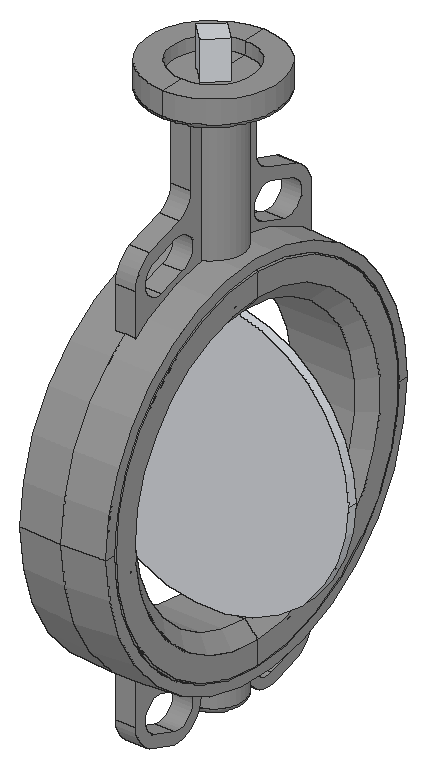
Revit family "Absperr- und Regulierklappe ZF-4219", category Rohrzubehör, Revit 2021 (continued)
Automatic sketch dimensions
  Extrusion 8 sketch curve to Extrusion 8 sketch curve = 11.576 mm
  Extrusion 8 sketch curve to Extrusion 8 sketch curve = 0.007 mm  (x2)
  Extrusion 8 sketch curve to Extrusion 8 sketch curve = 11.662 mm  (x2)
  Extrusion 8 sketch curve to Extrusion 8 sketch curve = 7.405 mm
  Extrusion 8 sketch curve to Extrusion 8 sketch curve = 9.76 mm  (x2)
  Extrusion 8 sketch curve to Extrusion 8 sketch curve = 46.144 mm
  Extrusion 8 sketch curve to Extrusion 8 sketch curve = 0.006 mm
  Extrusion 8 sketch curve to Extrusion 8 sketch curve = 0.159 mm  (x2)
  Extrusion 8 sketch curve to Extrusion 8 sketch curve = 0.225 mm  (x2)
  Extrusion 8 sketch curve to Extrusion 8 sketch curve = 3.156 mm
  Extrusion 7 sketch curve to Extrusion 7 sketch curve = 0 mm  (x29)
  Extrusion 7 sketch curve to level = 0 mm
  Extrusion 7 sketch curve to plane 1 "Mitte (Vorne/hinten)" = 0 mm
  Extrusion 7 sketch curve to Extrusion 7 sketch curve = 4.987 mm  (x2)
  plane 1 "Mitte (Vorne/hinten)" to Extrusion 7 sketch curve = 42.642 mm
  Extrusion 7 sketch curve to Extrusion 7 sketch curve = 3.28 mm  (x2)
  Extrusion 7 sketch curve to Extrusion 7 sketch curve = 14.935 mm  (x2)
  Extrusion 7 sketch curve to Extrusion 7 sketch curve = 11.589 mm  (x2)
  Extrusion 7 sketch curve to Extrusion 7 sketch curve = 14.868 mm  (x2)
  Extrusion 7 sketch curve to Extrusion 7 sketch curve = 33.628 mm  (x4)
  Extrusion 7 sketch curve to Extrusion 7 sketch curve = 3.946 mm  (x4)
  Extrusion 7 sketch curve to Extrusion 7 sketch curve = 12.021 mm  (x8)
  Extrusion 7 sketch curve to Extrusion 7 sketch curve = 8.075 mm  (x8)
  plane 1 "Mitte (Vorne/hinten)" to Extrusion 7 sketch curve = 21.03 mm
  Extrusion 7 sketch curve to Extrusion 7 sketch curve = 5.5 mm
  Extrusion 7 sketch curve to Extrusion 7 sketch curve = 0.54 mm  (x2)
  Extrusion 7 sketch curve to Extrusion 7 sketch curve = 0.103 mm
  Extrusion 7 sketch curve to Extrusion 7 sketch curve = 1.99 mm  (x2)
  plane 1 "Mitte (Vorne/hinten)" to Extrusion 7 sketch curve = 18.5 mm
  Extrusion 7 sketch curve to plane 1 "Mitte (Vorne/hinten)" = 18.5 mm  (x2)
  Extrusion 7 sketch curve to Extrusion 7 sketch curve = 1.897 mm
  Extrusion 7 sketch curve to Extrusion 7 sketch curve = 2 mm
  Extrusion 7 sketch curve to Extrusion 7 sketch curve = 21.612 mm
  Extrusion 7 sketch curve to level = 59.454 mm  (x2)
  Extrusion 7 sketch curve to Extrusion 7 sketch curve = 10.049 mm  (x4)
  Extrusion 7 sketch curve to Extrusion 7 sketch curve = 20.666 mm  (x2)
  Extrusion 7 sketch curve to Extrusion 7 sketch curve = 1.725 mm  (x2)
  Extrusion 7 sketch curve to Extrusion 7 sketch curve = 12.438 mm  (x4)
  level to Extrusion 7 sketch curve = 59.454 mm  (x2)
  Extrusion 7 sketch curve to Extrusion 7 sketch curve = 15.768 mm  (x2)
  Extrusion 7 sketch curve to Extrusion 7 sketch curve = 0.361 mm  (x2)
  Extrusion 7 sketch curve to Extrusion 7 sketch curve = 69.242 mm
  Extrusion 7 sketch curve to Extrusion 7 sketch curve = 0.014 mm
  Extrusion 7 sketch curve to Extrusion 7 sketch curve = 0.29 mm  (x2)
  Extrusion 6 sketch curve to Extrusion 6 sketch curve = 0 mm  (x31)
  Extrusion 6 sketch curve to level = 0 mm
  Extrusion 6 sketch curve to plane 1 "Mitte (Vorne/hinten)" = 0 mm
  plane 1 "Mitte (Vorne/hinten)" to Extrusion 6 sketch curve = 18.5 mm  (x2)
  Extrusion 6 sketch curve to Extrusion 6 sketch curve = 1.897 mm  (x2)
  Extrusion 6 sketch curve to Extrusion 6 sketch curve = 2 mm
  Extrusion 6 sketch curve to Extrusion 6 sketch curve = 4.154 mm  (x2)
  Extrusion 6 sketch curve to Extrusion 6 sketch curve = 5.603 mm
  Extrusion 6 sketch curve to Extrusion 6 sketch curve = 12 mm  (x2)
  Extrusion 6 sketch curve to Extrusion 6 sketch curve = 21.682 mm  (x2)
  Extrusion 6 sketch curve to Extrusion 6 sketch curve = 2.182 mm  (x2)
  Extrusion 6 sketch curve to Extrusion 6 sketch curve = 11.109 mm  (x4)
  Extrusion 6 sketch curve to Extrusion 6 sketch curve = 30.529 mm  (x4)
  Extrusion 6 sketch curve to Extrusion 6 sketch curve = 4.781 mm  (x4)
  Extrusion 6 sketch curve to Extrusion 6 sketch curve = 1.414 mm  (x8)
  Extrusion 6 sketch curve to Extrusion 6 sketch curve = 7.24 mm  (x8)
  Extrusion 6 sketch curve to Extrusion 6 sketch curve = 12.021 mm  (x8)
  Extrusion 6 sketch curve to plane 1 "Mitte (Vorne/hinten)" = 18.5 mm
  Extrusion 6 sketch curve to Extrusion 6 sketch curve = 7.5 mm
  Extrusion 6 sketch curve to Extrusion 6 sketch curve = 0.103 mm
  Extrusion 6 sketch curve to level = 50.036 mm  (x2)
  Extrusion 6 sketch curve to Extrusion 6 sketch curve = 17.112 mm  (x2)
  Extrusion 6 sketch curve to Extrusion 6 sketch curve = 9.185 mm  (x4)
  Extrusion 6 sketch curve to Extrusion 6 sketch curve = 20.608 mm  (x2)
  Extrusion 6 sketch curve to Extrusion 6 sketch curve = 12.868 mm  (x3)
  Extrusion 6 sketch curve to Extrusion 6 sketch curve = 9.096 mm  (x2)
  level to Extrusion 6 sketch curve = 50.036 mm  (x2)
  Extrusion 6 sketch curve to Extrusion 6 sketch curve = 17 mm
  Extrusion 6 sketch curve to Extrusion 6 sketch curve = 56.845 mm
  Extrusion 6 sketch curve to Extrusion 6 sketch curve = 0.017 mm
  Extrusion 6 sketch curve to Extrusion 6 sketch curve = 0.29 mm  (x2)
  Extrusion 5 sketch curve to Extrusion 5 sketch curve = 0 mm  (x25)
  Extrusion 5 sketch curve to level = 0 mm
  Extrusion 5 sketch curve to plane 1 "Mitte (Vorne/hinten)" = 0 mm
  plane 1 "Mitte (Vorne/hinten)" to Extrusion 5 sketch curve = 18.5 mm  (x2)
  Extrusion 5 sketch curve to Extrusion 5 sketch curve = 0.579 mm  (x2)
  Extrusion 5 sketch curve to Extrusion 5 sketch curve = 1.897 mm  (x2)
  Extrusion 5 sketch curve to Extrusion 5 sketch curve = 0.103 mm
  Extrusion 5 sketch curve to Extrusion 5 sketch curve = 5.603 mm
  Extrusion 5 sketch curve to Extrusion 5 sketch curve = 15.942 mm  (x4)
  Extrusion 5 sketch curve to Extrusion 5 sketch curve = 13 mm  (x2)
  Extrusion 5 sketch curve to Extrusion 5 sketch curve = 11.367 mm  (x4)
  Extrusion 5 sketch curve to Extrusion 5 sketch curve = 25.663 mm  (x4)
  Extrusion 5 sketch curve to Extrusion 5 sketch curve = 4.027 mm  (x4)
  Extrusion 5 sketch curve to Extrusion 5 sketch curve = 12.021 mm  (x5)
  Extrusion 5 sketch curve to Extrusion 5 sketch curve = 9.55 mm  (x4)
  Extrusion 5 sketch curve to Extrusion 5 sketch curve = 7.5 mm
  Extrusion 5 sketch curve to plane 1 "Mitte (Vorne/hinten)" = 18.5 mm  (x2)
  Extrusion 5 sketch curve to Extrusion 5 sketch curve = 2 mm
  Extrusion 5 sketch curve to level = 38.887 mm  (x2)
  Extrusion 5 sketch curve to Extrusion 5 sketch curve = 10.986 mm  (x3)
  Extrusion 5 sketch curve to Extrusion 5 sketch curve = 10.231 mm  (x3)
  Extrusion 5 sketch curve to Extrusion 5 sketch curve = 10.467 mm  (x4)
  Extrusion 5 sketch curve to Extrusion 5 sketch curve = 12.18 mm  (x2)
  Extrusion 5 sketch curve to Extrusion 5 sketch curve = 12.641 mm  (x4)
  Extrusion 5 sketch curve to Extrusion 5 sketch curve = 9.983 mm  (x2)
  level to Extrusion 5 sketch curve = 38.887 mm  (x2)
  Extrusion 5 sketch curve to Extrusion 5 sketch curve = 21.217 mm
  Extrusion 5 sketch curve to Extrusion 5 sketch curve = 16.969 mm  (x2)
  Extrusion 5 sketch curve to Extrusion 5 sketch curve = 51.117 mm
  Extrusion 5 sketch curve to Extrusion 5 sketch curve = 0.01 mm
  Extrusion 5 sketch curve to Extrusion 5 sketch curve = 0.29 mm  (x2)
  level to Extrusion 5 sketch curve = 49.873 mm
  Extrusion 4 sketch curve to Extrusion 4 sketch curve = 0 mm  (x28)
  Extrusion 4 sketch curve to level = 0 mm
  Extrusion 4 sketch curve to plane 1 "Mitte (Vorne/hinten)" = 0 mm
  plane 1 "Mitte (Vorne/hinten)" to Extrusion 4 sketch curve = 18.5 mm  (x2)
  Extrusion 4 sketch curve to Extrusion 4 sketch curve = 1.897 mm  (x2)
  Extrusion 4 sketch curve to Extrusion 4 sketch curve = 0.103 mm  (x2)
  Extrusion 4 sketch curve to Extrusion 4 sketch curve = 5.603 mm  (x2)
  Extrusion 4 sketch curve to Extrusion 4 sketch curve = 12.115 mm  (x4)
  Extrusion 4 sketch curve to Extrusion 4 sketch curve = 9 mm  (x2)
  Extrusion 4 sketch curve to Extrusion 4 sketch curve = 11.39 mm  (x2)
  Extrusion 4 sketch curve to Extrusion 4 sketch curve = 7.005 mm  (x2)
  Extrusion 4 sketch curve to Extrusion 4 sketch curve = 22.772 mm  (x4)
  Extrusion 4 sketch curve to Extrusion 4 sketch curve = 4.597 mm  (x4)
  Extrusion 4 sketch curve to Extrusion 4 sketch curve = 1.485 mm  (x4)
  Extrusion 4 sketch curve to Extrusion 4 sketch curve = 12.021 mm  (x4)
  Extrusion 4 sketch curve to Extrusion 4 sketch curve = 9.247 mm  (x4)
  Extrusion 4 sketch curve to plane 1 "Mitte (Vorne/hinten)" = 18.5 mm  (x2)
  Extrusion 4 sketch curve to level = 31.935 mm  (x2)
  Extrusion 4 sketch curve to Extrusion 4 sketch curve = 1.34 mm  (x4)
  Extrusion 4 sketch curve to Extrusion 4 sketch curve = 10.245 mm  (x4)
  Extrusion 4 sketch curve to Extrusion 4 sketch curve = 9.866 mm  (x4)
  Extrusion 4 sketch curve to Extrusion 4 sketch curve = 9.447 mm  (x4)
  Extrusion 4 sketch curve to Extrusion 4 sketch curve = 11.077 mm  (x4)
  Extrusion 4 sketch curve to Extrusion 4 sketch curve = 11.926 mm  (x2)
  level to Extrusion 4 sketch curve = 31.935 mm  (x2)
  Extrusion 4 sketch curve to Extrusion 4 sketch curve = 12.62 mm  (x2)
  Extrusion 4 sketch curve to Extrusion 4 sketch curve = 12.99 mm  (x2)
  Extrusion 4 sketch curve to Extrusion 4 sketch curve = 41.354 mm
  Extrusion 4 sketch curve to Extrusion 4 sketch curve = 0.018 mm
  Extrusion 4 sketch curve to Extrusion 4 sketch curve = 0.29 mm  (x2)
  Extrusion 3 sketch curve to Extrusion 3 sketch curve = 0 mm  (x23)
  Extrusion 3 sketch curve to level = 0 mm
  Extrusion 3 sketch curve to plane 1 "Mitte (Vorne/hinten)" = 0 mm
  plane 1 "Mitte (Vorne/hinten)" to Extrusion 3 sketch curve = 18 mm
  Extrusion 3 sketch curve to Extrusion 3 sketch curve = 1.897 mm  (x2)
  Extrusion 3 sketch curve to Extrusion 3 sketch curve = 0.103 mm  (x2)
  plane 1 "Mitte (Vorne/hinten)" to Extrusion 3 sketch curve = 22.391 mm
  Extrusion 3 sketch curve to Extrusion 3 sketch curve = 1.414 mm  (x14)
  Extrusion 3 sketch curve to Extrusion 3 sketch curve = 6.103 mm  (x2)
  Extrusion 3 sketch curve to Extrusion 3 sketch curve = 2 mm  (x2)
  Extrusion 3 sketch curve to Extrusion 3 sketch curve = 7.709 mm  (x4)
  Extrusion 3 sketch curve to Extrusion 3 sketch curve = 13.318 mm  (x5)
  Extrusion 3 sketch curve to Extrusion 3 sketch curve = 15.842 mm  (x5)
  Extrusion 3 sketch curve to Extrusion 3 sketch curve = 10.233 mm
  Extrusion 3 sketch curve to Extrusion 3 sketch curve = 3.184 mm  (x7)
  Extrusion 3 sketch curve to Extrusion 3 sketch curve = 6.315 mm  (x8)
  Extrusion 3 sketch curve to Extrusion 3 sketch curve = 3.021 mm  (x4)
  Extrusion 3 sketch curve to Extrusion 3 sketch curve = 5.303 mm  (x8)
  Extrusion 3 sketch curve to level = 23.805 mm  (x2)
  Extrusion 3 sketch curve to Extrusion 3 sketch curve = 3.106 mm  (x6)
  level to Extrusion 3 sketch curve = 23.805 mm  (x2)
  Extrusion 3 sketch curve to Extrusion 3 sketch curve = 6.654 mm  (x4)
  Extrusion 3 sketch curve to Extrusion 3 sketch curve = 9.77 mm  (x4)
  Extrusion 3 sketch curve to plane 1 "Mitte (Vorne/hinten)" = 18 mm
  Extrusion 3 sketch curve to plane 1 "Mitte (Vorne/hinten)" = 22.391 mm
  Extrusion 3 sketch curve to Extrusion 3 sketch curve = 5.708 mm  (x2)
  Extrusion 3 sketch curve to Extrusion 3 sketch curve = 3.131 mm
  level to Extrusion 3 sketch curve = 42.831 mm
  Extrusion 3 sketch curve to Extrusion 3 sketch curve = 4.045 mm
  Extrusion 3 sketch curve to Extrusion 3 sketch curve = 12.379 mm
  Extrusion 3 sketch curve to Extrusion 3 sketch curve = 68.43 mm
  Extrusion 3 sketch curve to Extrusion 3 sketch curve = 0.003 mm
  Extrusion 3 sketch curve to Extrusion 3 sketch curve = 0.316 mm  (x2)
  curve 12 to level = 0 mm
  curve 12 to plane 3 "Mitte (Links/rechts)" = 0 mm
  plane 1 "Mitte (Vorne/hinten)" to curve 6 = 0 mm
  curve 6 to plane 3 "Mitte (Links/rechts)" = 0 mm
  Revolve 1 sketch curve to plane 1 "Mitte (Vorne/hinten)" = 0 mm
  Revolve 1 sketch curve to Revolve 1 sketch curve = 0.987 mm
  Revolve 1 sketch curve to Revolve 1 sketch curve = 1.5 mm  (x3)
  Revolve 1 sketch curve to Revolve 1 sketch curve = 0.513 mm  (x2)
  Revolve 1 sketch curve to Revolve 1 sketch curve = 0.915 mm  (x2)
  Revolve 1 sketch curve to Revolve 1 sketch curve = 1978.5 mm  (x2)
  Revolve 11 sketch curve to plane 1 "Mitte (Vorne/hinten)" = 0 mm  (x2)
  Revolve 11 sketch curve to Revolve 11 sketch curve = 3 mm
  Revolve 11 sketch curve to Revolve 11 sketch curve = 459.992 mm
  level to Revolve 11 sketch curve = 2741.474 mm
  Revolve 12 sketch curve to plane 1 "Mitte (Vorne/hinten)" = 0 mm  (x3)
  Revolve 12 sketch curve to Revolve 12 sketch curve = 1.895 mm
  Revolve 12 sketch curve to Revolve 12 sketch curve = 2 mm  (x2)
  Revolve 12 sketch curve to Revolve 12 sketch curve = 0.105 mm
  Revolve 12 sketch curve to level = 520.992 mm
  Revolve 12 sketch curve to Revolve 12 sketch curve = 2616.474 mm
  Revolve 13 sketch curve to level = 0 mm
  Revolve 13 sketch curve to Revolve 13 sketch curve = 1.492 mm
  Revolve 13 sketch curve to Revolve 13 sketch curve = 0.18 mm  (x2)
  Revolve 13 sketch curve to Revolve 13 sketch curve = 5.027 mm
  Revolve 13 sketch curve to Revolve 13 sketch curve = 1 mm
  Revolve 13 sketch curve to Revolve 13 sketch curve = 0.999 mm  (x2)
  Revolve 13 sketch curve to Revolve 13 sketch curve = 0.27 mm
  Revolve 13 sketch curve to Revolve 13 sketch curve = 0.957 mm
  Revolve 13 sketch curve to Revolve 13 sketch curve = 1328.99 mm
  Revolve 13 sketch curve to Revolve 13 sketch curve = 1875.983 mm
  Extrusion 14 sketch curve to level = 0 mm
  Extrusion 14 sketch curve to plane 3 "Mitte (Links/rechts)" = 0 mm
  radius of Extrusion 10 sketch curve = 12 mm  (x4)
  radius of Extrusion 9 sketch curve = 9.5 mm  (x4)
  radius of Extrusion 9 sketch curve = 14 mm  (x4)
  radius of Extrusion 7 sketch curve = 11.5 mm  (x4)
  radius of Extrusion 7 sketch curve = 9.5 mm  (x4)
  radius of Extrusion 6 sketch curve = 9.5 mm  (x8)
  radius of Extrusion 5 sketch curve = 9.5 mm  (x8)
  radius of Extrusion 4 sketch curve = 9.5 mm  (x8)
  radius of curve 12 = 7 mm
  radius of curve 6 = 5 mm
Nested families
  nested 1: "Herz-Logo-vorne" at (-20, 0, 145.5), type "Herz-Logo-vorne"
Connectors
  piping at (30.75, 0, 0), diameter 200, driven by "Nennweite"
    settings: on Revolve 13, index 1, connector inside diameter 609.6 mm, connector length 0 mm, flow factor 0, pipe flow 0.0 L/s, pressure drop 0.0 Pa, fitting loss kfactor 0, connector angle 0.00°, fixture units 0, engagement length 0 mm, angle of deflection 0.00°, flow configuration 0, flow direction 0, fitting loss method 0, system type 29, joint type 0, gender type 0, connector reference index -1, connector utility 0, adjustable connector no, is connector primary yes, connector description ""
  piping at (-30.75, 0, 0), diameter 200, driven by "Nennweite"
    settings: on Revolve 13, index 2, connector inside diameter 609.6 mm, connector length 0 mm, flow factor 0, pipe flow 0.0 L/s, pressure drop 0.0 Pa, fitting loss kfactor 0, connector angle 0.00°, fixture units 0, engagement length 0 mm, angle of deflection 0.00°, flow configuration 0, flow direction 0, fitting loss method 0, system type 29, joint type 0, gender type 0, connector reference index -1, connector utility 0, adjustable connector no, is connector primary no, connector description ""
Definition of nested family "Herz-Logo-vorne"
  Parameters (values of type "Herz-Logo-vorne")
    Default Elevation = 0 mm
  Reference planes
    plane 1 "Mitte (Vorne/hinten)": y = 0
    plane 2: z = 0
    plane 3 "Mitte (Links/rechts)": x = 0
  Forms (mm)
    Extrusion 1, solid
      sketch origin (0.732, -0.018, 0.017) x (0, -1, 0) y (0, 0, 1)
        loop
          line (-0.018, -4.517) -> (4.482, -4.517) -> (4.482, 4.483) -> (-4.518, 4.483) -> (-4.518, -4.517) -> (-0.018, -4.517)
        loop
          line (-0.05, -3.48) -> (3.482, -3.48) -> (3.482, 3.483) -> (-3.518, 3.483) -> (-3.518, -3.48) -> (-0.05, -3.48)
        loop
          arc (-0.018, 2.383) -> (-1.543, 3.287) -> (-3.067, 2.383) r 1.738
          arc (-3.067, 2.383) -> (-3.191, 1.899) -> (-3.067, 1.415) r 1.009
          line (-3.067, 1.415) -> (-0.018, -3.281) -> (3.032, 1.415)
          arc (3.032, 1.415) -> (3.156, 1.899) -> (3.032, 2.383) r 1.009
          arc (3.032, 2.383) -> (1.507, 3.287) -> (-0.018, 2.383) r 1.738
        loop
          arc (1.885, 1.272) -> (2.005, 1.675) -> (1.885, 2.079) r 0.74
          arc (1.885, 2.079) -> (1.265, 2.416) -> (0.644, 2.079) r 0.74
          line (0.644, 2.079) -> (-0.018, 0.97) -> (-0.679, 2.079)
          arc (-0.679, 2.079) -> (-1.3, 2.416) -> (-1.921, 2.079) r 0.74
          arc (-1.921, 2.079) -> (-2.04, 1.675) -> (-1.921, 1.272) r 0.74
          line (-1.921, 1.272) -> (-0.018, -1.658) -> (1.885, 1.272)
      from 0 to 1.5
  Dimensions and locks
    aligned and locked: level to plane 2
